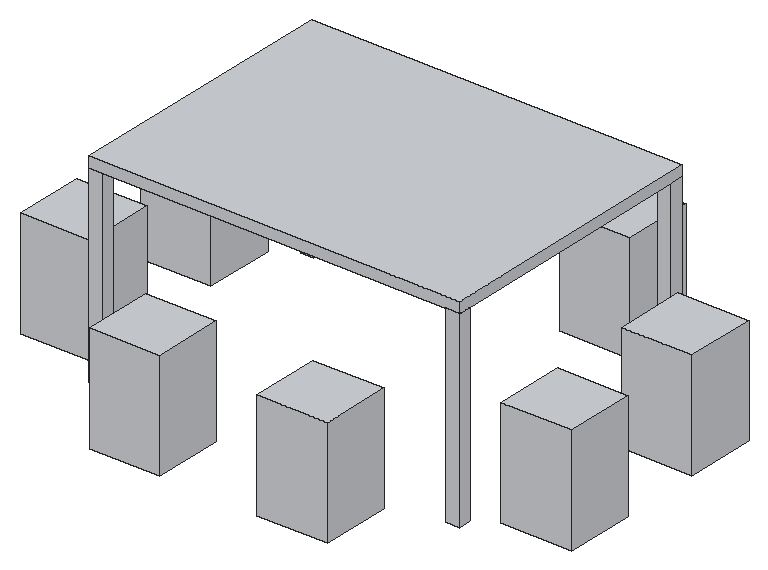
Revit family "DiningTables", category 家具, Revit 2025
Family settings
  OmniClass 编号 = 23.40.20.00
  OmniClass 标题 = General Furniture and Specialties
  基于工作平面 = 否
  视图中启用分割 = 否
  总是垂直 = 是
  载入时剪切的空心 = 否
  渲染外观源 = 族几何图形
  共享 = 否
  房间计算点 = 否
Parameters
  默认高程 = 0 mm
Reference planes
  plane 1 "中心(前/后)": y = 0
  plane 2: z = 0
  plane 3 "中心(左/右)": x = 0
  plane 4: x = -1075
  plane 5: x = 1075
  plane 6: y = 890
  plane 7: y = -890
  plane 8 "中心 L/S": y = 1395.2
Forms (mm)
  Extrusion 1, solid
    sketch origin (0, 0, 0) x (1, 0, 0) y (0, 1, 0)
      loop
        line (-1024.498, 409.415) -> (-1024.498, 149.415) -> (-764.498, 149.415) -> (-764.498, 409.415) -> (-1024.498, 409.415)
    from 0 to 400
  Extrusion 2, solid
    sketch origin (4.8, -564.8, 0) x (1, 0, 0) y (0, 1, 0)
      loop
        line (-1024.498, 409.415) -> (-1024.498, 149.415) -> (-764.498, 149.415) -> (-764.498, 409.415) -> (-1024.498, 409.415)
    from 0 to 400
  Extrusion 3, solid
    sketch origin (584.498, -969.415, 0) x (1, 0, 0) y (0, 1, 0)
      loop
        line (-1024.498, 409.415) -> (-1024.498, 149.415) -> (-764.498, 149.415) -> (-764.498, 409.415) -> (-1024.498, 409.415)
    from 0 to 400
  Extrusion 4, solid
    sketch origin (1209.298, -974.215, 0) x (1, 0, 0) y (0, 1, 0)
      loop
        line (-1024.498, 409.415) -> (-1024.498, 149.415) -> (-764.498, 149.415) -> (-764.498, 409.415) -> (-1024.498, 409.415)
    from 0 to 400
  Extrusion 5, solid
    sketch origin (1784.8, -4.8, 0) x (1, 0, 0) y (0, 1, 0)
      loop
        line (-1024.498, 409.415) -> (-1024.498, 149.415) -> (-764.498, 149.415) -> (-764.498, 409.415) -> (-1024.498, 409.415)
    from 0 to 400
  Extrusion 6, solid
    sketch origin (1789.6, -569.6, 0) x (1, 0, 0) y (0, 1, 0)
      loop
        line (-1024.498, 409.415) -> (-1024.498, 149.415) -> (-764.498, 149.415) -> (-764.498, 409.415) -> (-1024.498, 409.415)
    from 0 to 400
  Extrusion 7, solid
    sketch origin (1214.098, 420.985, 0) x (1, 0, 0) y (0, 1, 0)
      loop
        line (-1024.498, 409.415) -> (-1024.498, 149.415) -> (-764.498, 149.415) -> (-764.498, 409.415) -> (-1024.498, 409.415)
    from 0 to 400
  Extrusion 8, solid
    sketch origin (589.298, 425.785, 0) x (1, 0, 0) y (0, 1, 0)
      loop
        line (-1024.498, 409.415) -> (-1024.498, 149.415) -> (-764.498, 149.415) -> (-764.498, 409.415) -> (-1024.498, 409.415)
    from 0 to 400
Dimensions and locks
  aligned and locked: level to plane 2
Nested families
  nested 1: "DiningTable" at (0, 0, 0), type "DiningTable"
Definition of nested family "DiningTable"
  Parameters (values of type "DiningTable")
    Default Elevation = 0 mm
  Reference planes
    plane 1 "中心(前/后)": y = 0
    plane 2: z = 0
    plane 3 "中心(左/右)": x = 0
    plane 4: x = -686
    plane 5: x = 686
    plane 6: y = 515
    plane 7: y = -515
    plane 8: x = -636
    plane 9: y = 465
    plane 10: x = 636
    plane 11: y = -465
  Forms (mm)
    Extrusion 1, solid
      sketch origin (0, 0, 0) x (1, 0, 0) y (0, 1, 0)
        loop
          line (-686, 515) -> (-686, 465) -> (-636, 465) -> (-636, 515) -> (-686, 515)
      from 0 to 710
    Extrusion 2, solid
      sketch origin (0, 0, 0) x (1, 0, 0) y (0, 1, 0)
        loop
          line (636, 515) -> (636, 465) -> (686, 465) -> (686, 515) -> (636, 515)
      from 0 to 710
    Extrusion 3, solid
      sketch origin (0, 0, 0) x (1, 0, 0) y (0, 1, 0)
        loop
          line (-686, -465) -> (-686, -515) -> (-636, -515) -> (-636, -465) -> (-686, -465)
      from 0 to 710
    Extrusion 4, solid
      sketch origin (0, 0, 0) x (1, 0, 0) y (0, 1, 0)
        loop
          line (636, -465) -> (636, -515) -> (686, -515) -> (686, -465) -> (636, -465)
      from 0 to 710
    Extrusion 5, solid
      sketch origin (0, 0, 0) x (1, 0, 0) y (0, 1, 0)
        loop
          line (-686, 515) -> (-686, -515) -> (686, -515) -> (686, 515) -> (-686, 515)
      from 710 to 750
  Dimensions and locks
    aligned and locked: level to plane 2
